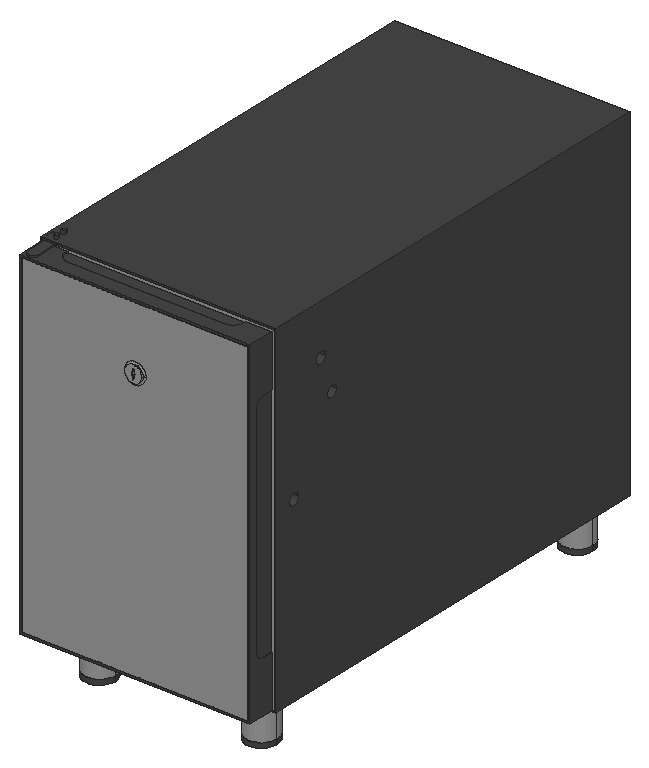
Revit family "Franke_Refrigeration_side_unit_KE200_EC-A600_MS_EC_FW(USA)", category Specialty Equipment, Revit 2015
Parameters (values of type "Refrigeration side unit KE200 EC-A600 MS EC FW(110V/USA)")
  Volts max. = 0 V
  URL = "https://www.franke.com/main/en/cs/products/product-search.html"
  Depth (mm) = 453 mm
  Temperature range = "+ 3°C to + 8°C"
  Volts min. = 110 V
  Max Overcurrent Protection = "1.5 A"
  Cycle Alternative = 0 Hz
  Cycle = 60 Hz
  Model = "410864 - Refrigeration side unit KE200 EC - A600 MS EC FW"
  Milk storage = "4 l"
  Watts = 0 W
  Cost = 0
  Height (mm) = 376 mm
  Manufacturer = "Franke"
  Energy loss acc. to DIN 18873 = "0.460 kWh/24 h - 230 V"
  Width (mm) = 225 mm
  Description = "Refrigeration side unit for storage of cooled milk"
  Assembly Code = "Refrigeration side unit"
  Keynote = "Refrigeration side unit"
  Weight = "13 kg"
  Number of Poles = 1
  Number of Protective Conductors = "1"
  Number of Nutral Conductors = "1"
Reference planes
  plane 1 "Mitte (Vorne/Hinten)": y = 0
  plane 2: z = 0
  plane 3 "Mitte (Links/Rechts)": x = 0
Forms (mm)
  Extrusion 1, solid, material "Franke Black"
    sketch origin (0, 0, 20) x (0, 1, 0) y (0, 0, 1)
      loop
        line (212.3, 356) -> (-212.3, 356) -> (-212.3, 26) -> (212.3, 26) -> (212.3, 356)
    from -112.5 to 112.5
  Extrusion 2, solid, material "Franke Chrome"
    sketch origin (0, 0, 20) x (1, 0, 0) y (0, 0, 1)
      loop
        circle (0, 290.954) r 8
      loop
        arc (1, 294.954) -> (0.707, 295.662) -> (0, 295.954) r 1
        arc (0, 295.954) -> (-0.707, 295.662) -> (-1, 294.954) r 1
        line (-1, 294.954) -> (-1, 292.687)
        arc (-1, 292.687) -> (-2, 290.954) -> (-1, 289.222) r 2
        line (-1, 289.222) -> (-1, 286.954)
        arc (-1, 286.954) -> (-0.707, 286.247) -> (0, 285.954) r 1
        arc (0, 285.954) -> (0.707, 286.247) -> (1, 286.954) r 1
        line (1, 286.954) -> (1, 289.222)
        arc (1, 289.222) -> (2, 290.954) -> (1, 292.687) r 2
        line (1, 292.687) -> (1, 294.954)
    from 240.3 to 242.3
  Blend 3, solid, material "Franke Chrome"
    base sketch origin (0, 0, 20) x (1, 0, 0) y (0, 0, 1)
      loop
        circle (0, 290.954) r 10
    top sketch origin (0, 0, 20) x (1, 0, 0) y (0, 0, 1)
      loop
        circle (0, 290.954) r 8
    from 240.3 to 241.3
  Extrusion 4, solid, material "Franke Black"
    sketch origin (0, 0, 20) x (1, 0, 0) y (0, 0, 1)
      loop
        line (-105.863, 349.363) -> (-105.863, 32.637) -> (105.863, 32.637) -> (105.863, 349.363) -> (-105.863, 349.363)
    from 212.3 to 214.3
  Revolve 5, solid, material "Franke Black"
    sketch origin (-77.5, 0, 39) x (0, 1, 0) y (0, 0, 1)
      loop
        line (212.3, 252) -> (225.9, 252) -> (225.9, 262.5)
        arc (225.9, 262.5) -> (225.314, 263.914) -> (223.9, 264.5) r 2
        line (223.9, 264.5) -> (212.3, 264.5) -> (212.3, 252)
      axis (225.9, 252) -> (212.3, 252)
    angle from 0 to 360
  Extrusion 6, void
    sketch origin (0, 0, 39) x (0, 1, 0) y (0, 0, 1)
      loop
        circle (-158.312, 288.596) r 6
      loop
        circle (-144.81, 253.988) r 6
      loop
        circle (-190.311, 180.988) r 6
    from 102.5 to 127.226
  Extrusion 7, void
    sketch origin (0, 0, 39) x (1, 0, 0) y (0, 0, 1)
      loop
        line (60.953, 48.985) -> (60.953, 22.709) -> (92.574, 22.709) -> (92.574, 48.985) -> (60.953, 48.985)
    from -221.866 to -202.3
  Extrusion 8, solid, material "Franke Black"
    sketch origin (0, 0, 20) x (1, 0, 0) y (0, 0, 1)
      loop
        line (-110.5, 354) -> (-110.5, 28) -> (110.5, 28) -> (110.5, 354) -> (-110.5, 354)
      loop
        line (108.5, 352) -> (-108.5, 352) -> (-108.5, 30) -> (108.5, 30) -> (108.5, 352)
    from 214.3 to 240.3
  Extrusion 9, solid, material "Franke Stainless Steel"
    sketch origin (0, 0, 20) x (1, 0, 0) y (0, 0, 1)
      loop
        line (-108.5, 352) -> (-108.5, 30) -> (108.5, 30) -> (108.5, 352) -> (-108.5, 352)
      loop
        circle (0, 290.954) r 10
    from 214.3 to 240.3
  Extrusion 10, void
    sketch origin (0, 0, 20) x (0, 1, 0) y (0, 0, 1)
      loop
        line (-212.3, 78) -> (-212.3, 304) -> (-223.8, 304)
        arc (-223.8, 304) -> (-230.871, 301.071) -> (-233.8, 294) r 10
        line (-233.8, 294) -> (-233.8, 88)
        arc (-233.8, 88) -> (-230.871, 80.929) -> (-223.8, 78) r 10
        line (-223.8, 78) -> (-212.3, 78)
    from 109.5 to 123.031
  Extrusion 11, void
    sketch origin (0, 0, 20) x (0, 1, 0) y (0, 0, -1)
      loop
        line (-212.3, -78) -> (-223.8, -78)
        arc (-223.8, -78) -> (-230.871, -80.929) -> (-233.8, -88) r 10
        line (-233.8, -88) -> (-233.8, -294)
        arc (-233.8, -294) -> (-230.871, -301.071) -> (-223.8, -304) r 10
        line (-223.8, -304) -> (-212.3, -304) -> (-212.3, -78)
    from 109.5 to 123.031
  Extrusion 12, void
    sketch origin (0, 0, 20) x (1, 0, 0) y (0, 1, 0)
      loop
        line (-85.5, -212.3) -> (-85.5, -217.3)
        arc (-85.5, -217.3) -> (-82.571, -224.371) -> (-75.5, -227.3) r 10
        line (-75.5, -227.3) -> (75.5, -227.3)
        arc (75.5, -227.3) -> (82.571, -224.371) -> (85.5, -217.3) r 10
        line (85.5, -217.3) -> (85.5, -212.3) -> (-85.5, -212.3)
    from 353 to 371.405
  Extrusion 13, void
    sketch origin (0, 0, -322.405) x (0, -1, 0) y (1, 0, 0)
      loop
        line (212.3, -85.5) -> (217.3, -85.5)
        arc (217.3, -85.5) -> (224.371, -82.571) -> (227.3, -75.5) r 10
        line (227.3, -75.5) -> (227.3, 75.5)
        arc (227.3, 75.5) -> (224.371, 82.571) -> (217.3, 85.5) r 10
        line (217.3, 85.5) -> (212.3, 85.5) -> (212.3, -85.5)
    from 353 to 371.405
  Extrusion 14, void
    sketch origin (0, 0, 20) x (1, 0, 0) y (0, 0, 1)
      loop
        line (111.5, 355) -> (-111.5, 355) -> (-111.5, 27) -> (111.5, 27) -> (111.5, 355)
    from 199.527 to 273.235
  Extrusion 15, solid, material "Franke Plastic white"
    sketch origin (0, 0, 20) x (1, 0, 0) y (0, 0, 1)
      loop
        line (-111.5, 355) -> (-111.5, 27) -> (111.5, 27) -> (111.5, 355) -> (-111.5, 355)
    from 199.527 to 212.3
  Extrusion 16, solid, material "Franke Black"
    sketch origin (0, 0, 20) x (1, 0, 0) y (0, 1, 0)
      loop
        arc (-108.5, -233.3) -> (-103.5, -238.3) -> (-98.5, -233.3) r 5
        line (-98.5, -233.3) -> (-98.5, -212.3) -> (-108.5, -212.3) -> (-108.5, -233.3)
    from 354 to 355
  Extrusion 17, solid, material "Franke Black"
    sketch origin (0, 0, 20) x (1, 0, 0) y (0, 1, 0)
      loop
        circle (-103.5, -205.3) r 2
      loop
        circle (-103.5, -196.3) r 2
    from 356 to 358.5
  Extrusion 18, solid, material "Franke Black"
    sketch origin (0, 0, -307) x (0, -1, 0) y (1, 0, 0)
      loop
        arc (233.3, -108.5) -> (238.3, -103.5) -> (233.3, -98.5) r 5
        line (233.3, -98.5) -> (212.3, -98.5) -> (212.3, -108.5) -> (233.3, -108.5)
    from 354 to 355
  Extrusion 19, solid, material "Franke Chrome"
    sketch origin (0, 0, 20) x (1, 0, 0) y (0, 1, 0)
      loop
        circle (0, 174.198) r 2.5
    from 20 to 26
  Extrusion 20, solid, material "Franke Chrome"
    sketch origin (0, 0, 20) x (1, 0, 0) y (0, 1, 0)
      loop
        circle (-77.5, 193.3) r 15
      loop
        circle (77.5, 193.3) r 15
      loop
        circle (-77.5, -185.7) r 15
      loop
        circle (77.5, -185.7) r 15
    from -15 to 26
  Extrusion 21, solid, material "Franke Black"
    sketch origin (0, 0, -15) x (1, 0, 0) y (0, 1, 0)
      loop
        circle (-77.5, 193.3) r 15
      loop
        circle (77.5, 193.3) r 15
      loop
        circle (-77.5, -185.7) r 15
      loop
        circle (77.5, -185.7) r 15
    from 15 to 20
Cuts and joins
  Extrusion 6, Extrusion 7, Extrusion 14 cuts Extrusion 1
  Extrusion 10, Extrusion 11, Extrusion 12, Extrusion 13 cuts Extrusion 8
Lines and regions (mm)
  model lines
    curve 1: line (77.5, 208.3, 20) -> (77.5, 178.3, 20)
    curve 2: line (92.5, 193.3, 20) -> (62.5, 193.3, 20)
    curve 3: line (92.5, 193.3, 20) -> (62.5, 193.3, 20)
    curve 4: line (77.5, 178.3, 20) -> (77.5, 208.3, 20)
Dimensions and locks
  aligned and locked: level to plane 2
Connectors
  electrical at (0, 174.198, 40), driven by "Volts min.", driven by "Number of Poles"
    settings: on Extrusion 19, index 2, voltage 110 V, apparent load 0 VA, apparent load phase1 0 VA, apparent load phase2 0 VA, apparent load phase3 0 VA, power factor 1, load classification "Strom", number of poles 1, system type 31, power factor state 1, is connector primary yes, connector utility no, sub classification motor no, connector description ""
